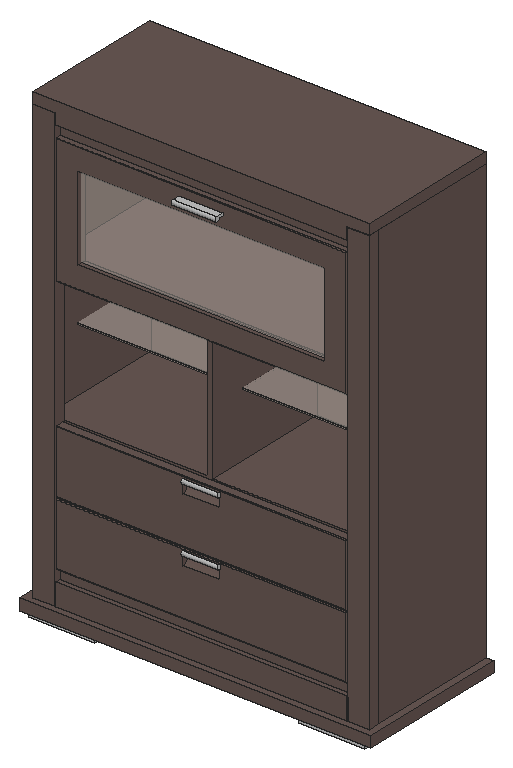
Revit family
Parameters (values of type "1280mm x 920mm x 400mm")
  Poignée = Métal - Alu brossé
  Verre = Verre - Mobilier
  Pieds = Métal - Alu brossé
  Profondeur = 400 mm
  Largeur = 920 mm
  Hauteur = 1280 mm
  Finition = Bois - Exotique
  Description = ""
Reference planes
  plane 1 "Arrière": y = 726.112
  plane 2: z = 0
  plane 3 "Centre (gauche/droite)": x = -10
  plane 4 "Gauche": x = -470
  plane 5 "Droite": x = 450
  plane 6 "Avant": y = 326.112
  plane 7 "HAUT": z = 1280
  plane 8: z = 483.333
  plane 9: z = 836.667
  plane 10: z = 1190
  plane 11: z = 130
  plane 12: z = 306.667
  plane 13: y = 356.112
  plane 14: y = 351.112
  plane 15: x = -410
  plane 16: x = 390
  plane 17: z = 660
  plane 18: y = 456.112
Forms (mm)
  Extrusion 1, solid, material "Bois - Exotique" <- "Finition"
    sketch origin (0, 726.112, 0) x (1, 0, 0) y (0, 0, 1)
      loop
        line (-455, 453.333) -> (435, 453.333) -> (435, 483.333) -> (-2.5, 483.333) -> (-2.5, 836.667) -> (435, 836.667) -> (435, 866.667) -> (-455, 866.667) -> (-455, 836.667) -> (-17.5, 836.667) -> (-17.5, 483.333) -> (-455, 483.333) -> (-455, 453.333)
    from 15 to 370
  Extrusion 2, solid, material "Verre - Mobilier" <- "Verre"
    sketch origin (0, 726.112, 0) x (1, 0, 0) y (0, 0, 1)
      loop
        line (-455, 657.5) -> (-17.5, 657.5) -> (-17.5, 662.5) -> (-455, 662.5) -> (-455, 657.5)
      loop
        line (-2.5, 657.5) -> (435, 657.5) -> (435, 662.5) -> (-2.5, 662.5) -> (-2.5, 657.5)
    from 15 to 270
Dimensions and locks
  equal spacing: plane 4 "Gauche", plane 3 "Centre (gauche/droite)", plane 5 "Droite"
  "Largeur": plane 4 "Gauche" to plane 5 "Droite"
  "Hauteur": plane 7 "HAUT" to level
  "Profondeur": plane 6 "Avant" to plane 1 "Arrière"
  equal spacing: plane 10, plane 9, plane 8, plane 11
  locked: plane 7 "HAUT" to plane 10 at 90
  locked: plane 11 to level at 130
  equal spacing: plane 8, plane 12, plane 11
  locked: Extrusion 1 sketch curve to plane 4 "Gauche" at 15
  locked: plane 5 "Droite" to Extrusion 1 sketch curve at 15
  locked: Extrusion 1 sketch curve to plane 9 at 30
  locked: plane 8 to Extrusion 1 sketch curve at 30
  equal spacing: Extrusion 1 sketch curve, plane 3 "Centre (gauche/droite)", Extrusion 1 sketch curve
  locked: Extrusion 1 sketch curve to plane 3 "Centre (gauche/droite)" at 7.5
  locked: plane 6 "Avant" to plane 14 at 25
  locked: plane 6 "Avant" to plane 13 at 30
  locked: plane 4 "Gauche" to plane 15 at 60
  locked: plane 16 to plane 5 "Droite" at 60
  equal spacing: plane 9, plane 17, plane 8
  equal spacing: Extrusion 2 sketch curve, plane 3 "Centre (gauche/droite)", Extrusion 2 sketch curve
  locked: plane 3 "Centre (gauche/droite)" to Extrusion 2 sketch curve at 7.5
  locked: Extrusion 2 sketch curve to plane 4 "Gauche" at 15
  locked: plane 5 "Droite" to Extrusion 2 sketch curve at 15
  equal spacing: Extrusion 2 sketch curve, plane 17, Extrusion 2 sketch curve
  locked: plane 17 to Extrusion 2 sketch curve at 2.5
  locked: plane 13 to plane 18 at 100
  aligned and locked: plane 4 "Gauche" to nested 1
  aligned and locked: plane 5 "Droite" to nested 1
  aligned and locked: plane 7 "HAUT" to nested 1
  aligned and locked: plane 1 "Arrière" to nested 1
  aligned and locked: plane 6 "Avant" to nested 1
  aligned and locked: Extrusion 1 sketch curve to Extrusion 1 sketch curve  (x4)
  aligned and locked: Extrusion 1 sketch curve to plane 9
  aligned and locked: plane 8 to Extrusion 1 sketch curve
  aligned and locked: plane 13 to Extrusion 1
  aligned and locked: plane 14 to nested 3
  aligned and locked: plane 14 to nested 2
  aligned and locked: plane 11 to nested 3
  aligned and locked: plane 12 to nested 3
  aligned and locked: plane 12 to nested 2
  aligned and locked: plane 8 to nested 2
  aligned and locked: plane 15 to nested 3
  aligned and locked: plane 15 to nested 2
  aligned and locked: plane 16 to nested 3
  aligned and locked: plane 16 to nested 2
  aligned and locked: Extrusion 2 sketch curve to Extrusion 2 sketch curve  (x2)
  aligned and locked: plane 18 to Extrusion 2
  aligned and locked: plane 14 to nested 4
  aligned and locked: plane 15 to nested 4
  aligned and locked: plane 16 to nested 4
  aligned and locked: plane 10 to nested 4
  aligned and locked: plane 9 to nested 4
Nested families
  nested 1: "#Base" at (0, 726.112, 0), type "#Base"
    with Profondeur 400 mm, Largeur 920 mm, Hauteur 1280 mm
  nested 2: "#PanneauHor" at (-60, -907.281, -493.333), type "#PanneauHor"
    with L 800 mm, H 176.667 mm
  nested 3: "#PanneauHor" at (-60, -907.281, -670), type "#PanneauHor"
    with L 800 mm, H 176.667 mm
  nested 4: "#PorteVitréeHor" at (-60, -907.281, 36.667), Finition <- "Finition", type "#PorteVitréeHor"
    with Poignée Métal - Alu brossé, L 800 mm, H 353.333 mm, Finition Bois - Exotique
Definition of nested family "#Base"
  Parameters (values of type "#Base")
    Pieds = Métal - Alu brossé
    Profondeur [instance] = 400 mm
    Largeur [instance] = 640 mm
    Hauteur [instance] = 1810 mm
    Finition = Bois - Exotique
    Assembly Code = ""
  Reference planes
    plane 1 "Arrière": y = 0
    plane 2: z = 0
    plane 3 "Centre (gauche/droite)": x = -10
    plane 4: x = -330
    plane 5: x = 310
    plane 6 "Avant": y = -400
    plane 7: z = 10
    plane 8: z = 40
    plane 9: z = 1810
    plane 10: z = 1750
    plane 11: z = 1780
    plane 12: z = 100
  Forms (mm)
    Extrusion 1, solid, material "Bois - Exotique" <- "Finition"
      sketch origin (1257.924, -1524, 10) x (0, -1, 0) y (-1, 0, 0)
        loop
          line (-1524, 1607.924) -> (-1524, 927.924) -> (-1104, 927.924) -> (-1104, 1607.924) -> (-1524, 1607.924)
      from 0 to -30
    Extrusion 2, solid, material "Métal - Alu brossé" <- "Pieds"
      sketch origin (0, 0, 0) x (1, 0, 0) y (0, 1, 0)
        loop
          line (-330, -415) -> (-150, -415) -> (-150, -350) -> (-330, -350) -> (-330, -415)
        loop
          line (-330, -65) -> (-150, -65) -> (-150, 0) -> (-330, 0) -> (-330, -65)
        loop
          line (130, -65) -> (310, -65) -> (310, 0) -> (130, 0) -> (130, -65)
        loop
          line (130, -415) -> (310, -415) -> (310, -350) -> (130, -350) -> (130, -415)
      from 0 to 10
    Extrusion 3, solid, material "Bois - Exotique" <- "Finition"
      sketch origin (1257.924, -1524, 40) x (0, -1, 0) y (-1, 0, 0)
        loop
          line (-1124, 1587.924) -> (-1154, 1587.924) -> (-1154, 1527.924) -> (-1124, 1527.924) -> (-1124, 1587.924)
        loop
          line (-1124, 1007.924) -> (-1154, 1007.924) -> (-1154, 947.924) -> (-1124, 947.924) -> (-1124, 1007.924)
      from 0 to -1740
    Extrusion 4, solid, material "Bois - Exotique" <- "Finition"
      sketch origin (0, 0, 0) x (1, 0, 0) y (0, 0, 1)
        loop
          line (-330, 1810) -> (-330, 1750) -> (310, 1750) -> (310, 1810) -> (-330, 1810)
      from 0 to 400
    Extrusion 5, solid, material "Bois - Exotique" <- "Finition"
      sketch origin (1257.924, -1524, 40) x (0, -1, 0) y (-1, 0, 0)
        loop
          line (-1154, 1587.924) -> (-1524, 1587.924) -> (-1524, 947.924) -> (-1154, 947.924) -> (-1154, 962.924) -> (-1509, 962.924) -> (-1509, 1572.924) -> (-1154, 1572.924) -> (-1154, 1587.924)
      from 0 to -1740
    Extrusion 6, solid, material "Bois - Exotique" <- "Finition"
      sketch origin (1257.924, -1524, 40) x (0, -1, 0) y (-1, 0, 0)
        loop
          line (-1124, 1527.924) -> (-1139, 1527.924) -> (-1139, 1007.924) -> (-1124, 1007.924) -> (-1124, 1527.924)
      from 0 to -60
    Sweep 7, void
      path in 3D
        loop
          line (-270, -400, 40) -> (-270, -400, 100)
      profile "PCR : 1.5mm x 1.5mm" origin (-270, -400, 70) x (0, 1, 0) y (-1, 0, 0)
        loop
          line (0, 0) -> (0, -1.5) -> (1.5, -1.5) -> (1.5, 0) -> (0, 0)
    Sweep 8, void
      path in 3D
        loop
          line (250, -400, 40) -> (250, -400, 100)
      profile "PCR : 1.5mm x 1.5mm" origin (250, -400, 70) x (0, -1, 0) y (1, 0, 0)
        loop
          line (0, 0) -> (-1.5, 0) -> (-1.5, -1.5) -> (0, -1.5) -> (0, 0)
    Extrusion 9, solid, material "Bois - Exotique" <- "Finition"
      sketch origin (1257.924, -1524, 1750) x (0, -1, 0) y (-1, 0, 0)
        loop
          line (-1139, 1527.924) -> (-1154, 1527.924) -> (-1154, 1007.924) -> (-1139, 1007.924) -> (-1139, 1527.924)
      from 0 to 30
    Extrusion 10, solid, material "Bois - Exotique" <- "Finition"
      sketch origin (1257.924, -1524, 40) x (0, -1, 0) y (-1, 0, 0)
        loop
          line (-1154, 1527.924) -> (-1154, 1007.924) -> (-1139, 1007.924) -> (-1139, 1527.924) -> (-1154, 1527.924)
      from 0 to -90
    Extrusion 11, void
      sketch origin (1257.924, -1524, 1750) x (-1, 0, 0) y (0, -1, 0)
        loop
          line (1587.924, -1124) -> (1526.424, -1124) -> (1526.424, -1154) -> (1587.924, -1154) -> (1587.924, -1124)
        loop
          line (1009.424, -1124) -> (947.924, -1124) -> (947.924, -1154) -> (1009.424, -1154) -> (1009.424, -1124)
      from 0 to 31.5
    Sweep 12, void
      path in 3D
        loop
          line (-330, -400, 1810) -> (-330, 0, 1810)
      profile "PCR : 1.5mm x 1.5mm" origin (-330, -200, 1810) x (-1, 0, 0) y (0, 0, 1)
        loop
          line (0, -28.5) -> (-1.5, -28.5) -> (-1.5, -30) -> (0, -30) -> (0, -28.5)
    Sweep 13, void
      path in 3D
        loop
          line (310, -400, 1810) -> (310, 0, 1810)
      profile "PCR : 1.5mm x 1.5mm" origin (310, -200, 1810) x (-1, 0, 0) y (0, 0, 1)
        loop
          line (0, -28.5) -> (0, -30) -> (1.5, -30) -> (1.5, -28.5) -> (0, -28.5)
  Cuts and joins
    Sweep 7, Sweep 8, Sweep 13 cuts Extrusion 3
    Extrusion 11, Sweep 12, Sweep 13 cuts Extrusion 4
    Extrusion 11, Sweep 12, Sweep 13 cuts Extrusion 5
    Extrusion 11, Sweep 12, Sweep 13 cuts Extrusion 9
    joined: Extrusion 4, Extrusion 5, Extrusion 9
    Sweep 7, Sweep 8 cuts Extrusion 1
    Sweep 7, Sweep 8 cuts Extrusion 6
  Lines and regions (mm)
    sketch lines
      curve 1: line (-270, -400, 40) -> (-270, -400, 100)
      curve 2: line (250, -400, 40) -> (250, -400, 100)
      curve 3: line (-330, -400, 1810) -> (-330, 0, 1810)
      curve 4: line (310, -400, 1810) -> (310, 0, 1810)
    symbolic lines
      curve 5: line (-330, -400, 1750) -> (-330, 0, 1750)
      curve 6: line (310, -400, 1750) -> (-330, -400, 1750)
      curve 7: line (310, 0, 1750) -> (310, -400, 1750)
  Dimensions and locks
    locked: plane 7 to plane 2 at 10
    locked: plane 8 to plane 2 at 40
    Extrusion 1 sketch curve to plane 4 = 20 mm
    plane 5 to Extrusion 1 sketch curve = 20 mm
    locked: Extrusion 1 sketch curve to plane 6 "Avant" at 20
    locked: plane 4 to Extrusion 2 sketch curve at 180
    locked: Extrusion 2 sketch curve to plane 5 at 180
    locked: Extrusion 2 sketch curve to plane 1 "Arrière" at 65
    locked: plane 6 "Avant" to Extrusion 2 sketch curve at 50
    "Hauteur": plane 9 to plane 2
    locked: plane 9 to plane 10 at 60
    locked: plane 9 to plane 11 at 30
    locked: Extrusion 3 sketch curve to Extrusion 3 sketch curve at 60  (x2)
    locked: Extrusion 3 sketch curve to Extrusion 3 sketch curve at 30
    locked: plane 6 "Avant" to Extrusion 5 sketch curve at 30
    locked: plane 4 to Extrusion 5 sketch curve at 15
    locked: Extrusion 5 sketch curve to plane 5 at 15
    locked: Extrusion 5 sketch curve to plane 1 "Arrière" at 15
    locked: Extrusion 2 sketch curve to plane 6 "Avant" at 15
    locked: plane 6 "Avant" to Extrusion 6 sketch curve at 15
    locked: plane 4 to Extrusion 6 sketch curve at 60
    locked: Extrusion 6 sketch curve to plane 5 at 60
    locked: plane 12 to plane 8 at 60
    equal spacing: plane 4, plane 3 "Centre (gauche/droite)", plane 5
    "Largeur": plane 4 to plane 5
    "Profondeur": plane 6 "Avant" to plane 1 "Arrière"
    locked: plane 6 "Avant" to Extrusion 9 sketch curve at 15
    locked: plane 6 "Avant" to Extrusion 9 sketch curve at 30
    locked: plane 4 to Extrusion 9 sketch curve at 60
    locked: Extrusion 9 sketch curve to plane 5 at 60
    locked: plane 6 "Avant" to Extrusion 10 sketch curve at 15
    locked: plane 6 "Avant" to Extrusion 10 sketch curve at 30
    locked: plane 4 to Extrusion 10 sketch curve at 60
    locked: Extrusion 10 sketch curve to plane 5 at 60
    locked: plane 6 "Avant" to Extrusion 11 sketch curve at 30
    locked: plane 4 to Extrusion 11 sketch curve at 61.5
    locked: Extrusion 11 sketch curve to plane 5 at 61.5
    aligned and locked: plane 1 "Arrière" to Extrusion 1 sketch curve
    aligned and locked: Extrusion 1 to plane 8
    aligned and locked: Extrusion 2 sketch curve to Extrusion 2 sketch curve  (x8)
    aligned and locked: Extrusion 2 sketch curve to plane 1 "Arrière"
    aligned and locked: Extrusion 2 sketch curve to plane 4
    aligned and locked: plane 5 to Extrusion 2 sketch curve
    aligned and locked: Extrusion 2 to plane 7
    aligned and locked: Extrusion 3 sketch curve to Extrusion 3 sketch curve  (x2)
    aligned and locked: Extrusion 3 sketch curve to plane 4
    aligned and locked: plane 6 "Avant" to Extrusion 3 sketch curve
    aligned and locked: plane 5 to Extrusion 3 sketch curve
    aligned and locked: Extrusion 3 to plane 11
    aligned and locked: Extrusion 4 sketch curve to plane 4
    aligned and locked: plane 5 to Extrusion 4 sketch curve
    aligned and locked: Extrusion 4 sketch curve to plane 9
    aligned and locked: plane 10 to Extrusion 4 sketch curve
    aligned and locked: Extrusion 5 sketch curve to Extrusion 5 sketch curve
    aligned and locked: plane 4 to Extrusion 5 sketch curve
    aligned and locked: Extrusion 5 sketch curve to plane 5
    aligned and locked: Extrusion 5 to plane 11
    aligned and locked: Extrusion 5 sketch curve to plane 1 "Arrière"
    aligned and locked: plane 6 "Avant" to Extrusion 6 sketch curve
    aligned and locked: cut or joined group of Extrusion 6, Sweep 7, Sweep 8 to plane 12
    aligned and locked: plane 6 "Avant" to cut or joined group of Extrusion 4, Extrusion 5, Extrusion 9, Extrusion 11, Sweep 12, Sweep 13
    aligned and locked: plane 6 "Avant" to Extrusion 11 sketch curve  (x2)
    aligned and locked: Extrusion 11 sketch curve to plane 4
    aligned and locked: plane 5 to Extrusion 11 sketch curve
    aligned and locked: Extrusion 11 sketch curve to Extrusion 11 sketch curve
    aligned and locked: curve 5 to cut or joined group of Extrusion 4, Extrusion 5, Extrusion 9, Extrusion 11, Sweep 12, Sweep 13
    aligned and locked: curve 6 to cut or joined group of Extrusion 4, Extrusion 5, Extrusion 9, Extrusion 11, Sweep 12, Sweep 13
    aligned and locked: curve 7 to cut or joined group of Extrusion 4, Extrusion 5, Extrusion 9, Extrusion 11, Sweep 12, Sweep 13
  Automatic sketch dimensions
    curve 5 to plane 1 "Arrière" = 0 mm
    curve 6 to plane 5 = 0 mm
    curve 6 to plane 6 "Avant" = 0 mm
    curve 5 to plane 4 = 0 mm
    curve 7 to plane 1 "Arrière" = 0 mm
Definition of nested family "#PanneauHor"
  Parameters (values of type "#PanneauHor")
    Poignée = Métal - Alu brossé
    L [instance] = 800 mm
    H [instance] = 300 mm
    Finition = Bois - Exotique
    Assembly Code = ""
  Reference planes
    plane 1 "Arrière": y = 1258.392
    plane 2: z = 0
    plane 3 "Centre (gauche/droite)": x = 50
    plane 4: x = -350
    plane 5: x = 450
    plane 6: z = 800
    plane 7 "H": z = 1100
    plane 8: x = 0
    plane 9: x = 100
  Forms (mm)
    Extrusion 1, solid, material "Bois - Exotique" <- "Finition"
      sketch origin (0, 1258.392, 0) x (1, 0, 0) y (0, 0, 1)
        loop
          line (-348.5, 801.5) -> (448.5, 801.5) -> (448.5, 1098.5) -> (-348.5, 1098.5) -> (-348.5, 801.5)
      from 0 to 25
    Sweep 2, void
      path origin (0, 0, 1100) x (0, -1, 0) y (1, 0, 0)
        loop
          line (-1233.392, 100) -> (-1233.392, 0)
      profile "PC-PT : #01" origin (50, 1233.392, 1100) x (0, -1, 0) y (0, 0, 1)
        loop
          line (0, -13) -> (-5, -13) -> (-5, -6) -> (-20, -6) -> (-20, -16)
          arc (-20, -16) -> (-14.652, -33.708) -> (0, -45) r 30.277
          line (0, -45) -> (0, -13)
    Sweep 3, solid, material "Métal - Alu brossé" <- "Poignée"
      path in 3D
        loop
          line (0, 1233.392, 1087) -> (100, 1233.392, 1087)
      profile "PP : Rayon de 6 mm" origin (50, 1233.392, 1087) x (0, -1, 0) y (0, 0, -1)
        loop
          arc (0, -6.004) -> (2.836, 5.292) -> (-5, -3.325) r 6.004
          line (-5, -3.325) -> (-5, 0) -> (0, 0) -> (0, -6.004)
    Sweep 4, void
      path in 3D
        loop
          line (-348.5, 1233.392, 801.5) -> (448.5, 1233.392, 801.5) -> (448.5, 1233.392, 1098.5) -> (-348.5, 1233.392, 1098.5) -> (-348.5, 1233.392, 801.5)
      profile "PCA : 2mm x 2mm" origin (-348.5, 1233.392, 950) x (0, -1, 0) y (-1, 0, 0)
        loop
          line (-2, 0) -> (0, -2) -> (0, 0) -> (-2, 0)
  Cuts and joins
    Sweep 2, Sweep 4 cuts Extrusion 1
  Lines and regions (mm)
    sketch lines
      curve 1: line (0, 1233.392, 1087) -> (100, 1233.392, 1087)
      curve 2: line (-348.5, 1233.392, 1098.5) -> (-348.5, 1233.392, 801.5)
      curve 3: line (448.5, 1233.392, 1098.5) -> (-348.5, 1233.392, 1098.5)
      curve 4: line (448.5, 1233.392, 801.5) -> (448.5, 1233.392, 1098.5)
      curve 5: line (-348.5, 1233.392, 801.5) -> (448.5, 1233.392, 801.5)
  Dimensions and locks
    equal spacing: plane 4, plane 3 "Centre (gauche/droite)", plane 5
    "L": plane 4 to plane 5
    "H": plane 7 "H" to plane 6
    locked: plane 7 "H" to Extrusion 1 sketch curve at 1.5
    locked: Extrusion 1 sketch curve to plane 6 at 1.5
    locked: Extrusion 1 sketch curve to plane 4 at 1.5
    locked: plane 5 to Extrusion 1 sketch curve at 1.5
    locked: plane 8 to plane 3 "Centre (gauche/droite)" at 50
    locked: plane 3 "Centre (gauche/droite)" to plane 9 at 50
    locked: Sweep 2 sketch curve to plane 1 "Arrière" at 25
    aligned and locked: plane 8 to Sweep 2 sketch curve
    aligned and locked: plane 9 to Sweep 2 sketch curve
Definition of nested family "#PorteVitréeHor"
  Parameters (values of type "#PorteVitréeHor")
    Poignée [instance] = Métal - Alu brossé
    L [instance] = 800 mm
    H [instance] = 600 mm
    Verre = Verre - Mobilier
    Finition [instance] = Bois - Exotique
    Assembly Code = ""
  Reference planes
    plane 1 "Arrière": y = 1258.392
    plane 2: z = 0
    plane 3 "Centre (gauche/droite)": x = 50
    plane 4: x = -350
    plane 5: x = 450
    plane 6: z = 800
    plane 7: z = 1400
  Forms (mm)
    Extrusion 1, solid, material "Bois - Exotique" <- "Finition"
      sketch origin (0, 1258.392, 0) x (1, 0, 0) y (0, 0, 1)
        loop
          line (-348.5, 801.5) -> (448.5, 801.5) -> (448.5, 1398.5) -> (-348.5, 1398.5) -> (-348.5, 801.5)
        loop
          line (-288.5, 861.5) -> (388.5, 861.5) -> (388.5, 1338.5) -> (-288.5, 1338.5) -> (-288.5, 861.5)
      from 0 to 25
    Extrusion 2, solid, material "Verre - Mobilier" <- "Verre"
      sketch origin (0, 1258.392, 0) x (1, 0, 0) y (0, 0, 1)
        loop
          line (-288.5, 1338.5) -> (-288.5, 861.5) -> (388.5, 861.5) -> (388.5, 1338.5) -> (-288.5, 1338.5)
      from 10 to 15
    Sweep 3, void
      path in 3D
        loop
          line (-348.5, 1233.392, 801.5) -> (448.5, 1233.392, 801.5) -> (448.5, 1233.392, 1398.5) -> (-348.5, 1233.392, 1398.5) -> (-348.5, 1233.392, 801.5)
      profile "PCA : 2mm x 2mm" origin (-348.5, 1233.392, 1100) x (0, -1, 0) y (-1, 0, 0)
        loop
          line (-2, 0) -> (0, -2) -> (0, 0) -> (-2, 0)
  Cuts and joins
    Sweep 3 cuts Extrusion 1
  Lines and regions (mm)
    sketch lines
      curve 1: line (-348.5, 1233.392, 1398.5) -> (-348.5, 1233.392, 801.5)
      curve 2: line (448.5, 1233.392, 1398.5) -> (-348.5, 1233.392, 1398.5)
      curve 3: line (448.5, 1233.392, 801.5) -> (448.5, 1233.392, 1398.5)
      curve 4: line (-348.5, 1233.392, 801.5) -> (448.5, 1233.392, 801.5)
  Dimensions and locks
    equal spacing: plane 4, plane 3 "Centre (gauche/droite)", plane 5
    "L": plane 4 to plane 5
    "H": plane 7 to plane 6
    locked: plane 7 to Extrusion 1 sketch curve at 1.5
    locked: Extrusion 1 sketch curve to plane 6 at 1.5
    locked: Extrusion 1 sketch curve to plane 4 at 1.5
    locked: plane 5 to Extrusion 1 sketch curve at 1.5
    locked: Extrusion 1 sketch curve to Extrusion 1 sketch curve at 60  (x4)
    locked: Extrusion 2 sketch curve to plane 4 at 61.5
    locked: plane 5 to Extrusion 2 sketch curve at 61.5
    locked: plane 7 to Extrusion 2 sketch curve at 61.5
    locked: Extrusion 2 sketch curve to plane 6 at 61.5
    locked: plane 7 to nested 1 at 30
    aligned and locked: plane 3 "Centre (gauche/droite)" to nested 1
    aligned and locked: cut or joined group of Extrusion 1, Sweep 3 to nested 1
  Nested families
    nested 1: "PoignéePVH" at (50, 1233.392, 379.739), type "100mm"
  Definition of nested family "PoignéePVH"
    Parameters (values of type "100mm")
      Poignée = Métal - Alu brossé
      Assembly Code = ""
    Reference planes
      plane 1 "Centre (avant/arrière)": y = 0
      plane 2: z = 0
      plane 3 "Centre (gauche/droite)": x = 0
      plane 4: z = 990.261
    Forms (mm)
      Extrusion 1, solid, material "Métal - Alu brossé" <- "Poignée"
        sketch origin (0, -1524, 217.442) x (0, 0, -1) y (0, -1, 0)
          loop
            line (-778.819, -1503) -> (-778.819, -1524) -> (-772.819, -1524) -> (-772.819, -1509)
            arc (-772.819, -1509) -> (-768.576, -1498.757) -> (-778.819, -1503) r 6
        from -60 to 60
